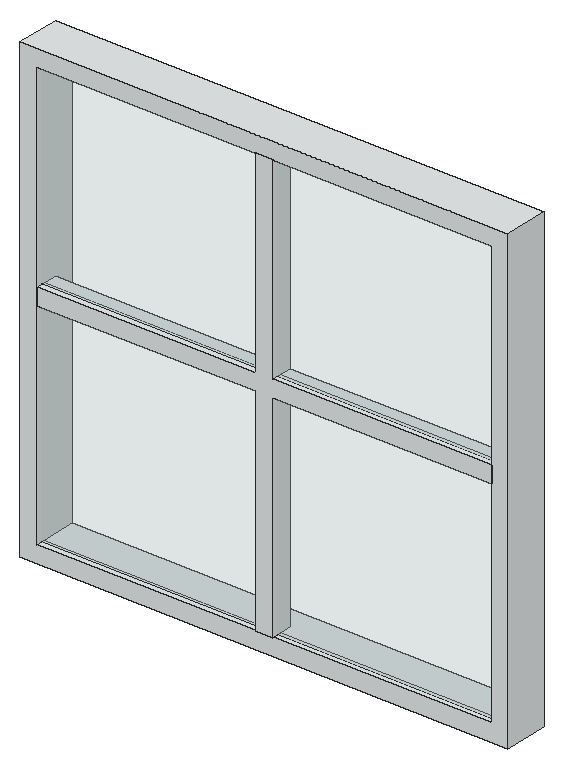
Revit family "CT_Janela_Painel_4Vid", category Windows, host Wall, Revit 2025
Family settings
  Host = Wall
  OmniClass Number = 23.30.20.00
  OmniClass Title = Windows
  Always vertical = Yes
  Cut with Voids When Loaded = No
  Shared = No
  Room Calculation Point = No
Parameters (values of type "JAN_220x208_FAC_4PA")
  Material_Vidro = CT_Vidros
  Material_Esquadria = CT_Esquadrias_Aluminio
  Height = 2.080 m
  Espess_Esquadria = 0.075 m
  Define Thermal Properties by = Schematic Type
  Default Sill Height = 0.800 m
  Wall Closure = By host
  Width = 2.200 m
  Analytic Construction = "<None>"
  ALtura_Bandeira = 1.000 m
Types (2, lengths in m): name | Width
  JAN_220x208_FAC_4PA | 2.200
  JAN_230x208_FAC_4PA | 2.300
Reference planes (m)
  plane 1 "Center (Front/Back)": y = 0
  plane 2 "Center (Left/Right)": x = 0
  plane 3 "Left": x = -1.1
  plane 4 "Right": x = 1.1
  plane 5 "Sill": z = 0.8
  plane 6 "Head": z = 2.88
  plane 7 "Exterior": y = 0.1
  plane 8 "Interior": y = -0.1
  plane 9: z = 1.88
Forms (m)
  Extrusion 1, solid, material "CT_Esquadrias_Aluminio" <- "Material_Esquadria"
    sketch origin (0, 0.1, 0) x (1, 0, 0) y (0, 0, 1)
      loop
        line (1.1, 2.88) -> (-1.1, 2.88) -> (-1.1, 0.8) -> (1.1, 0.8) -> (1.1, 2.88)
      loop
        line (1.025, 2.805) -> (-1.025, 2.805) -> (-1.025, 0.875) -> (1.025, 0.875) -> (1.025, 2.805)
    from 0 to 0.2
  Extrusion 2, solid, material "CT_Vidros" <- "Material_Vidro"
    sketch origin (0, 0.1, 0) x (1, 0, 0) y (0, 0, 1)
      loop
        line (1.025, 2.805) -> (0.0375, 2.805) -> (0.0375, 1.9175) -> (1.025, 1.9175) -> (1.025, 2.805)
      loop
        line (-0.0375, 2.805) -> (-1.025, 2.805) -> (-1.025, 1.9175) -> (-0.0375, 1.9175) -> (-0.0375, 2.805)
      loop
        line (-0.0375, 1.8425) -> (-1.025, 1.8425) -> (-1.025, 0.875) -> (-0.0375, 0.875) -> (-0.0375, 1.8425)
      loop
        line (1.025, 1.8425) -> (0.0375, 1.8425) -> (0.0375, 0.875) -> (1.025, 0.875) -> (1.025, 1.8425)
    from 0.160827 to 0.17495
  Extrusion 3, solid, material "CT_Esquadrias_Aluminio" <- "Material_Esquadria"
    sketch origin (0, 0.1, 0) x (1, 0, 0) y (0, 0, 1)
      loop
        line (0.0375, 2.805) -> (-0.0375, 2.805) -> (-0.0375, 1.9175) -> (-1.025, 1.9175) -> (-1.025, 1.8425) -> (-0.0375, 1.8425) -> (-0.0375, 0.875) -> (0.0375, 0.875) -> (0.0375, 1.8425) -> (1.025, 1.8425) -> (1.025, 1.9175) -> (0.0375, 1.9175) -> (0.0375, 2.805)
    from 0.1 to 0.2
Lines and regions (m)
  Opening 1
    outline origin (3.5, -0.1, 0) x (1, 0, 0) y (0, 0, 1)
      loop
        line (-2.4, 0.8) -> (-2.4, 2.88) -> (-4.6, 2.88) -> (-4.6, 0.8) -> (-2.4, 0.8)
Text (m)
  text "EXTERIOR" at (-1.963203, 1.332353, 0), in view "Ref. Level"
  text "INTERIOR" at (-1.981466, -0.818386, 0), in view "Ref. Level"
  text "Exterior" at (0, 0.923751, 2.943296), in view "Right"
  text "Exterior" at (0, 1.040484, 2.685409), in view "Left"
Dimensions and locks (m)
  equal spacing: plane 3 "Left", plane 2 "Center (Left/Right)", plane 4 "Right"  (x2)
  "Width": plane 3 "Left" to plane 4 "Right"
  "Height": plane 5 "Sill" to plane 6 "Head"
  "Default Sill Height": plane 5 "Sill" to level
  locked: plane 7 "Exterior" to host wall
  locked: plane 8 "Interior" to host wall
  "ALtura_Bandeira": plane 9 to plane 6 "Head"
  "Espess_Esquadria": Extrusion 1 to Extrusion 1  (x2)
  locked: Extrusion 2 to Extrusion 2 at 0.014123
  locked: Extrusion 1 to Extrusion 2 at 0.02505
  Extrusion 3 to Extrusion 3 = 0.075 m  (x2)
  locked: Extrusion 3 to Extrusion 3 at 0.075  (x4)
  Extrusion 3 to Extrusion 3 = 0.100 m
  aligned and locked: plane 8 "Interior" to Extrusion 1
  aligned and locked: Extrusion 1 to plane 7 "Exterior"
  aligned and locked: Extrusion 2 sketch curve to Extrusion 1  (x4)
  aligned and locked: Extrusion 3 sketch curve to Extrusion 3 sketch curve
  aligned and locked: Extrusion 2 to Extrusion 1
  aligned and locked: Extrusion 3 to Extrusion 2  (x3)
  aligned and locked: Extrusion 3 to Extrusion 1  (x2)
  aligned and locked: Extrusion 3 to host wall
  aligned and locked: Extrusion 1 to Extrusion 3
Automatic sketch dimensions
  plane 3 "Left" to Opening 1 sketch curve = 0.000 m
  plane 4 "Right" to Opening 1 sketch curve = 0.000 m
  Opening 1 sketch curve to plane 5 "Sill" = 0.000 m
  Opening 1 sketch curve to plane 6 "Head" = 0.000 m
  plane 3 "Left" to Extrusion 1 sketch curve = 0.000 m
  plane 4 "Right" to Extrusion 1 sketch curve = 0.000 m
  Extrusion 1 sketch curve to plane 5 "Sill" = 0.000 m
  Extrusion 1 sketch curve to plane 6 "Head" = 0.000 m
  Extrusion 1 sketch curve to plane 5 "Sill" = 0.075 m
  plane 6 "Head" to Extrusion 1 sketch curve = 0.075 m
  Extrusion 1 sketch curve to plane 3 "Left" = 0.075 m
  plane 4 "Right" to Extrusion 1 sketch curve = 0.075 m
  Extrusion 2 sketch curve to plane 3 "Left" = 0.075 m
  plane 2 "Center (Left/Right)" to Extrusion 2 sketch curve = 0.0375 m  (x2)
  Extrusion 2 sketch curve to plane 2 "Center (Left/Right)" = 0.0375 m  (x2)
  plane 4 "Right" to Extrusion 2 sketch curve = 0.075 m
  Extrusion 2 sketch curve to Extrusion 2 sketch curve = 0.000 m
  Extrusion 2 sketch curve to plane 9 = 0.0375 m  (x2)
  plane 9 to Extrusion 2 sketch curve = 0.0375 m  (x2)
  plane 6 "Head" to Extrusion 2 sketch curve = 0.075 m
  plane 6 "Head" to Extrusion 3 sketch curve = 1.0375 m
  Extrusion 3 sketch curve to plane 3 "Left" = 0.075 m
  Extrusion 3 sketch curve to Extrusion 3 sketch curve = 0.9875 m
  plane 6 "Head" to Extrusion 3 sketch curve = 2.005 m
  Extrusion 3 sketch curve to Extrusion 3 sketch curve = 0.000 m
  Extrusion 3 sketch curve to Extrusion 3 sketch curve = 0.075 m  (x3)
  Extrusion 3 sketch curve to Extrusion 3 sketch curve = 0.8875 m
  Extrusion 3 sketch curve to plane 3 "Left" = 2.125 m
  Extrusion 3 sketch curve to plane 9 = 0.0375 m
